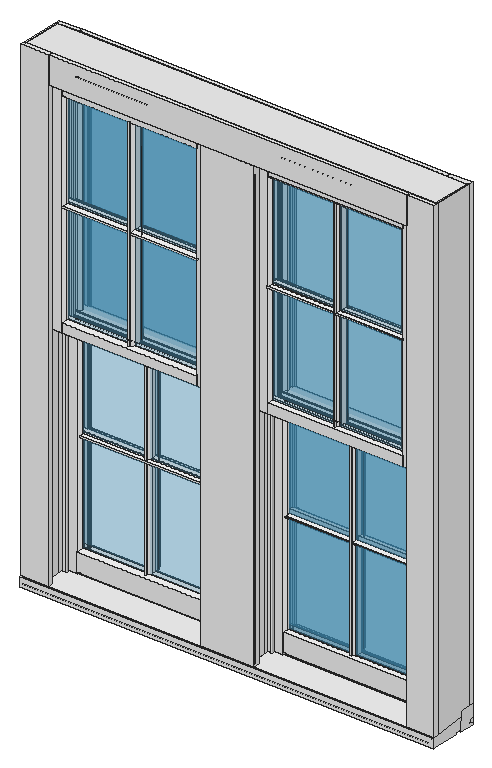
Revit family "B2-44", category Windows, host Wall, Revit 2012 (continued)
Automatic sketch dimensions
  Sweep 51 sketch curve to profile plane = 61.836 mm
  Sweep 51 sketch curve to Sweep 51 sketch curve = 3 mm
  Sweep 51 sketch curve to Sweep 51 sketch curve = 8 mm  (x2)
  Sweep 51 sketch curve to profile plane = 16 mm
  Sweep 51 sketch curve to Sweep 51 sketch curve = 4 mm  (x2)
  Sweep 51 sketch curve to Sweep 51 sketch curve = 1 mm
  Sweep 51 sketch curve to profile plane = 5 mm
  Sweep 52 sketch curve to profile plane = 0 mm
  Sweep 52 sketch curve to profile plane = 61.836 mm
  Sweep 52 sketch curve to Sweep 52 sketch curve = 3 mm
  Sweep 52 sketch curve to Sweep 52 sketch curve = 8 mm  (x2)
  Sweep 52 sketch curve to profile plane = 16 mm
  Sweep 52 sketch curve to Sweep 52 sketch curve = 4 mm  (x2)
  Sweep 52 sketch curve to Sweep 52 sketch curve = 1 mm
  Sweep 52 sketch curve to profile plane = 5 mm
  Sweep 53 sketch curve to profile plane = 0 mm
  Sweep 53 sketch curve to profile plane = 61.836 mm
  Sweep 53 sketch curve to Sweep 53 sketch curve = 3 mm  (x2)
  Sweep 53 sketch curve to Sweep 53 sketch curve = 8 mm  (x2)
  profile plane to Sweep 53 sketch curve = 16 mm
  Sweep 53 sketch curve to Sweep 53 sketch curve = 4 mm  (x2)
  Sweep 53 sketch curve to Sweep 53 sketch curve = 1 mm
  Sweep 54 sketch curve to profile plane = 0 mm
  Sweep 54 sketch curve to profile plane = 61.836 mm
  Sweep 54 sketch curve to Sweep 54 sketch curve = 3 mm  (x2)
  Sweep 54 sketch curve to Sweep 54 sketch curve = 8 mm  (x2)
  profile plane to Sweep 54 sketch curve = 16 mm
  Sweep 54 sketch curve to Sweep 54 sketch curve = 4 mm  (x2)
  Sweep 54 sketch curve to Sweep 54 sketch curve = 1 mm
  Sweep 55 sketch curve to profile plane = 0 mm
  Sweep 55 sketch curve to profile plane = 61.836 mm
  Sweep 55 sketch curve to Sweep 55 sketch curve = 3 mm  (x2)
  Sweep 55 sketch curve to Sweep 55 sketch curve = 8 mm  (x2)
  profile plane to Sweep 55 sketch curve = 16 mm
  Sweep 55 sketch curve to Sweep 55 sketch curve = 4 mm  (x2)
  Sweep 55 sketch curve to Sweep 55 sketch curve = 1 mm
  Sweep 56 sketch curve to profile plane = 0 mm
  Sweep 56 sketch curve to profile plane = 61.836 mm
  Sweep 56 sketch curve to Sweep 56 sketch curve = 3 mm
  Sweep 56 sketch curve to Sweep 56 sketch curve = 8 mm  (x2)
  Sweep 56 sketch curve to profile plane = 16 mm
  Sweep 56 sketch curve to Sweep 56 sketch curve = 4 mm  (x2)
  Sweep 56 sketch curve to Sweep 56 sketch curve = 1 mm
  Sweep 56 sketch curve to profile plane = 5 mm
  Sweep 57 sketch curve to profile plane = 0 mm
  Sweep 57 sketch curve to profile plane = 61.836 mm
  Sweep 57 sketch curve to Sweep 57 sketch curve = 3 mm
  Sweep 57 sketch curve to Sweep 57 sketch curve = 8 mm  (x2)
  Sweep 57 sketch curve to profile plane = 16 mm
  Sweep 57 sketch curve to Sweep 57 sketch curve = 4 mm  (x2)
  Sweep 57 sketch curve to Sweep 57 sketch curve = 1 mm
  Sweep 57 sketch curve to profile plane = 5 mm
  Sweep 58 sketch curve to profile plane = 0 mm
  Sweep 58 sketch curve to profile plane = 61.836 mm
  Sweep 58 sketch curve to Sweep 58 sketch curve = 3 mm
  Sweep 58 sketch curve to Sweep 58 sketch curve = 8 mm  (x2)
  Sweep 58 sketch curve to profile plane = 16 mm
  Sweep 58 sketch curve to Sweep 58 sketch curve = 4 mm  (x2)
  Sweep 58 sketch curve to Sweep 58 sketch curve = 1 mm
  Sweep 58 sketch curve to profile plane = 5 mm
  Extrusion 61 sketch curve to plane 14 = 0 mm
  plane 27 to Extrusion 61 sketch curve = 0 mm
  Extrusion 61 sketch curve to plane 9 = 0 mm
  Extrusion 61 sketch curve to plane 13 = 0 mm
  Extrusion 62 sketch curve to plane 14 = 0 mm
  plane 27 to Extrusion 62 sketch curve = 0 mm
  Extrusion 62 sketch curve to plane 9 = 0 mm
  Extrusion 62 sketch curve to plane 13 = 0 mm
  Extrusion 63 sketch curve to plane 14 = 0 mm
  Extrusion 63 sketch curve to plane 26 = 0 mm
  Extrusion 63 sketch curve to plane 9 = 0 mm
  plane 12 to Extrusion 63 sketch curve = 0 mm
  Extrusion 64 sketch curve to plane 14 = 0 mm
  Extrusion 64 sketch curve to plane 26 = 0 mm
  Extrusion 64 sketch curve to plane 9 = 0 mm
  plane 12 to Extrusion 64 sketch curve = 0 mm
  Extrusion 65 sketch curve to plane 14 = 0 mm
  Extrusion 65 sketch curve to plane 26 = 0 mm
  Extrusion 65 sketch curve to plane 9 = 0 mm
  plane 11 to Extrusion 65 sketch curve = 0 mm
  Extrusion 66 sketch curve to plane 14 = 0 mm
  Extrusion 66 sketch curve to plane 26 = 0 mm
  Extrusion 66 sketch curve to plane 9 = 0 mm
  plane 12 to Extrusion 66 sketch curve = 0 mm
  Extrusion 67 sketch curve to plane 14 = 0 mm
  Extrusion 67 sketch curve to plane 26 = 0 mm
  Extrusion 67 sketch curve to plane 9 = 0 mm
  plane 12 to Extrusion 67 sketch curve = 0 mm
  Extrusion 70 sketch curve to plane 9 = 0 mm
  plane 27 to Extrusion 70 sketch curve = 0 mm
  Extrusion 70 sketch curve to plane 13 = 0 mm
  Extrusion 70 sketch curve to plane 15 = 0 mm
  Extrusion 71 sketch curve to plane 9 = 0 mm
  plane 27 to Extrusion 71 sketch curve = 0 mm
  Extrusion 71 sketch curve to plane 13 = 0 mm
  Extrusion 71 sketch curve to plane 15 = 0 mm
  plane 27 to Extrusion 72 sketch curve = 0 mm
  Extrusion 72 sketch curve to plane 13 = 0 mm
  Extrusion 72 sketch curve to plane 15 = 0 mm
  Extrusion 72 sketch curve to plane 9 = 6 mm
  Extrusion 73 sketch curve to plane 9 = 0 mm
  Extrusion 73 sketch curve to plane 26 = 0 mm
  plane 12 to Extrusion 73 sketch curve = 0 mm
  Extrusion 73 sketch curve to plane 15 = 0 mm
  Extrusion 74 sketch curve to plane 9 = 0 mm
  Extrusion 74 sketch curve to plane 26 = 0 mm
  plane 12 to Extrusion 74 sketch curve = 0 mm
  Extrusion 74 sketch curve to plane 15 = 0 mm
  Extrusion 75 sketch curve to plane 9 = 0 mm
  plane 27 to Extrusion 75 sketch curve = 0 mm
  Extrusion 75 sketch curve to plane 13 = 0 mm
  Extrusion 75 sketch curve to plane 15 = 0 mm
  Extrusion 76 sketch curve to plane 9 = 0 mm
  plane 27 to Extrusion 76 sketch curve = 0 mm
  Extrusion 76 sketch curve to plane 13 = 0 mm
  Extrusion 76 sketch curve to plane 15 = 0 mm
  Extrusion 77 sketch curve to plane 9 = 0 mm
  Extrusion 77 sketch curve to plane 26 = 0 mm
  plane 12 to Extrusion 77 sketch curve = 0 mm
  Extrusion 77 sketch curve to plane 15 = 0 mm
  Extrusion 78 sketch curve to plane 9 = 0 mm
  Extrusion 78 sketch curve to plane 26 = 0 mm
  plane 12 to Extrusion 78 sketch curve = 0 mm
  Extrusion 78 sketch curve to plane 15 = 0 mm
  plane 5 "Right" to Sweep 79 sketch curve = 0 mm
  Sweep 79 sketch curve to plane 6 "Sill" = 0 mm
  Sweep 79 sketch curve to profile plane = 0 mm
  Sweep 79 sketch curve to profile plane = 87 mm
  Sweep 79 sketch curve to Sweep 79 sketch curve = 15 mm
  Sweep 79 sketch curve to Sweep 79 sketch curve = 0 mm  (x4)
  profile plane to Sweep 79 sketch curve = 5.921 mm
  Sweep 79 sketch curve to Sweep 79 sketch curve = 76.079 mm
  plane 4 "Left" to Sweep 80 sketch curve = 0 mm
  Sweep 80 sketch curve to plane 6 "Sill" = 0 mm
  plane 1 "Center (Front/Back)" to Sweep 80 sketch curve = 72 mm
  profile plane to Sweep 80 sketch curve = 0.079 mm
  Sweep 80 sketch curve to Sweep 80 sketch curve = 15 mm
  Sweep 80 sketch curve to profile plane = 5.921 mm
  Sweep 80 sketch curve to Sweep 80 sketch curve = 94 mm
  plane 4 "Left" to Sweep 81 sketch curve = 0 mm
  Sweep 81 sketch curve to plane 6 "Sill" = 0 mm
  Sweep 81 sketch curve to profile plane = 0 mm
  Sweep 81 sketch curve to profile plane = 87 mm
  Sweep 81 sketch curve to Sweep 81 sketch curve = 15 mm
  Sweep 81 sketch curve to Sweep 81 sketch curve = 0 mm  (x2)
  Sweep 81 sketch curve to Sweep 81 sketch curve = 65 mm
  Sweep 81 sketch curve to Sweep 81 sketch curve = 17 mm
  Sweep 82 sketch curve to plane 1 "Center (Front/Back)" = 0 mm
  plane 5 "Right" to Sweep 82 sketch curve = 5.921 mm
  Sweep 82 sketch curve to plane 5 "Right" = 0.079 mm
  profile plane to Sweep 82 sketch curve = 72 mm
  profile plane to Sweep 82 sketch curve = 33 mm
  Sweep 82 sketch curve to profile plane = 72 mm
  Sweep 82 sketch curve to Sweep 82 sketch curve = 0 mm  (x2)
  Sweep 82 sketch curve to Sweep 82 sketch curve = 335 mm
  Sweep 82 sketch curve to Sweep 82 sketch curve = 18 mm
  Sweep 82 sketch curve to Sweep 82 sketch curve = 12 mm
  level to Sweep 82 sketch curve = 268.614 mm
  Sweep 82 sketch curve to Sweep 82 sketch curve = 4.789 mm
  Sweep 82 sketch curve to Sweep 82 sketch curve = 4.913 mm  (x2)
  Sweep 82 sketch curve to Sweep 82 sketch curve = 3 mm
  Sweep 82 sketch curve to Sweep 82 sketch curve = 12.892 mm
  plane 1 "Center (Front/Back)" to Sweep 83 sketch curve = 0 mm
  plane 4 "Left" to Sweep 83 sketch curve = 5.921 mm
  Sweep 83 sketch curve to plane 4 "Left" = 0.079 mm
  profile plane to Sweep 83 sketch curve = 72 mm
  Sweep 83 sketch curve to profile plane = 33 mm
  Sweep 83 sketch curve to Sweep 83 sketch curve = 39 mm
  Sweep 83 sketch curve to Sweep 83 sketch curve = 365 mm
  level to Sweep 83 sketch curve = 268.614 mm
  Sweep 83 sketch curve to Sweep 83 sketch curve = 4.789 mm
  Sweep 83 sketch curve to Sweep 83 sketch curve = 4.913 mm  (x2)
  Sweep 83 sketch curve to Sweep 83 sketch curve = 3 mm
  Sweep 83 sketch curve to Sweep 83 sketch curve = 12.892 mm
  Sweep 84 sketch curve to profile plane = 0 mm
  Sweep 84 sketch curve to profile plane = 6 mm
  Sweep 84 sketch curve to Sweep 84 sketch curve = 59 mm
  Sweep 84 sketch curve to Sweep 84 sketch curve = 8 mm
  Sweep 84 sketch curve to Sweep 84 sketch curve = 9 mm
  Sweep 84 sketch curve to plane 1 "Center (Front/Back)" = 87 mm
  Sweep 84 sketch curve to Sweep 84 sketch curve = 15 mm  (x2)
  Sweep 84 sketch curve to Sweep 84 sketch curve = 5 mm  (x2)
  Sweep 85 sketch curve to plane 20 = 0 mm
  Sweep 85 sketch curve to plane 27 = 5.8 mm
  Sweep 85 sketch curve to plane 13 = 6 mm
  Sweep 85 sketch curve to plane 1 "Center (Front/Back)" = 7.41 mm
  profile plane to Sweep 85 sketch curve = 20.67 mm
  Sweep 85 sketch curve to Sweep 85 sketch curve = 0.569 mm
  Sweep 85 sketch curve to Sweep 85 sketch curve = 1.784 mm
  Sweep 85 sketch curve to Sweep 85 sketch curve = 2.978 mm  (x2)
  Sweep 85 sketch curve to Sweep 85 sketch curve = 1.351 mm
  Sweep 85 sketch curve to Sweep 85 sketch curve = 5.632 mm
  profile plane to Sweep 85 sketch curve = 0.002 mm
  Sweep 85 sketch curve to profile plane = 1.349 mm
  Sweep 85 sketch curve to profile plane = 1.717 mm
  Sweep 85 sketch curve to profile plane = 2.376 mm
  Sweep 85 sketch curve to profile plane = 4.998 mm  (x2)
  Sweep 85 sketch curve to Sweep 85 sketch curve = 6 mm  (x2)
  Sweep 85 sketch curve to Sweep 85 sketch curve = 39.334 mm
  Sweep 85 sketch curve to Sweep 85 sketch curve = 0 mm
  Sweep 85 sketch curve to plane 1 "Center (Front/Back)" = 4.045 mm
  Sweep 85 sketch curve to Sweep 85 sketch curve = 10 mm
  Sweep 85 sketch curve to Sweep 85 sketch curve = 5 mm  (x2)
  Sweep 85 sketch curve to plane 1 "Center (Front/Back)" = 14.045 mm
  Sweep 85 sketch curve to Sweep 85 sketch curve = 3 mm  (x2)
  Sweep 85 sketch curve to Sweep 85 sketch curve = 12 mm
  Sweep 85 sketch curve to Sweep 85 sketch curve = 11 mm  (x2)
  Sweep 85 sketch curve to Sweep 85 sketch curve = 14 mm
  Sweep 85 sketch curve to Sweep 85 sketch curve = 8 mm
  Sweep 85 sketch curve to Sweep 85 sketch curve = 4 mm
  Sweep 85 sketch curve to Sweep 85 sketch curve = 0.366 mm
  Sweep 86 sketch curve to plane 7 "Top" = 0 mm
  Sweep 86 sketch curve to plane 13 = 5 mm
  Sweep 86 sketch curve to plane 27 = 5.993 mm
  profile plane to Sweep 86 sketch curve = 53.47 mm
  profile plane to Sweep 86 sketch curve = 141.983 mm
  profile plane to Sweep 86 sketch curve = 65.47 mm
  Sweep 86 sketch curve to Sweep 86 sketch curve = 10 mm
  profile plane to Sweep 86 sketch curve = 5.47 mm
  Sweep 86 sketch curve to Sweep 86 sketch curve = 16 mm
  profile plane to Sweep 86 sketch curve = 0.181 mm
  Sweep 86 sketch curve to Sweep 86 sketch curve = 29.983 mm
  Sweep 86 sketch curve to Sweep 86 sketch curve = 4.017 mm
  Sweep 86 sketch curve to Sweep 86 sketch curve = 37 mm
  Sweep 86 sketch curve to Sweep 86 sketch curve = 7.017 mm
  Sweep 86 sketch curve to Sweep 86 sketch curve = 3 mm  (x2)
  Sweep 86 sketch curve to Sweep 86 sketch curve = 0 mm
  Sweep 86 sketch curve to profile plane = 3.819 mm
  Sweep 86 sketch curve to Sweep 86 sketch curve = 6.983 mm
  Sweep 86 sketch curve to Sweep 86 sketch curve = 7 mm
  Sweep 86 sketch curve to Sweep 86 sketch curve = 5 mm
  Sweep 86 sketch curve to Sweep 86 sketch curve = 2 mm
  Sweep 87 sketch curve to plane 9 = 0 mm
  Sweep 87 sketch curve to plane 13 = 6 mm
  profile plane to Sweep 87 sketch curve = 6.164 mm
  profile plane to Sweep 87 sketch curve = 22 mm  (x2)
  Sweep 87 sketch curve to Sweep 87 sketch curve = 2 mm  (x2)
  Sweep 87 sketch curve to Sweep 87 sketch curve = 3 mm
  Sweep 87 sketch curve to Sweep 87 sketch curve = 4 mm  (x2)
  Sweep 87 sketch curve to profile plane = 12 mm
  Sweep 87 sketch curve to Sweep 87 sketch curve = 16 mm
  Sweep 88 sketch curve to plane 9 = 0 mm
  Sweep 88 sketch curve to plane 26 = 13 mm
  plane 27 to Sweep 89 sketch curve = 13 mm
  plane 1 "Center (Front/Back)" to Sweep 90 sketch curve = 0 mm
  plane 4 "Left" to Sweep 90 sketch curve = 125 mm
  Sweep 90 sketch curve to plane 5 "Right" = 148 mm
  profile plane to Sweep 90 sketch curve = 100.24 mm
  Sweep 90 sketch curve to Sweep 90 sketch curve = 9.24 mm
  Sweep 90 sketch curve to Sweep 90 sketch curve = 2.634 mm
  Sweep 90 sketch curve to Sweep 90 sketch curve = 0.366 mm
  Sweep 90 sketch curve to profile plane = 33 mm
  Sweep 90 sketch curve to Sweep 90 sketch curve = 34 mm
  Sweep 90 sketch curve to Sweep 90 sketch curve = 44 mm
  Sweep 90 sketch curve to Sweep 90 sketch curve = 10 mm  (x4)
  Sweep 90 sketch curve to Sweep 90 sketch curve = 15 mm
  level to Sweep 90 sketch curve = 170 mm
  Sweep 90 sketch curve to Sweep 90 sketch curve = 30 mm  (x2)
  Sweep 90 sketch curve to Sweep 90 sketch curve = 30.121 mm
  Sweep 90 sketch curve to Sweep 90 sketch curve = 28 mm
  Sweep 90 sketch curve to Sweep 90 sketch curve = 4.913 mm  (x2)
  Sweep 90 sketch curve to Sweep 90 sketch curve = 3 mm
  Sweep 90 sketch curve to Sweep 90 sketch curve = 48 mm
  Sweep 91 sketch curve to plane 16 = 0 mm
  Sweep 91 sketch curve to plane 25 = 0 mm
  Sweep 91 sketch curve to plane 23 = 10 mm
  profile plane to Sweep 91 sketch curve = 70.237 mm
  Sweep 91 sketch curve to Sweep 91 sketch curve = 10 mm
  plane 1 "Center (Front/Back)" to Sweep 91 sketch curve = 5.354 mm
  Sweep 91 sketch curve to Sweep 91 sketch curve = 16 mm
  profile plane to Sweep 91 sketch curve = 20.237 mm
  Sweep 91 sketch curve to Sweep 91 sketch curve = 0 mm  (x2)
  plane 1 "Center (Front/Back)" to Sweep 91 sketch curve = 8.354 mm
  profile plane to Sweep 91 sketch curve = 17.237 mm
  Sweep 91 sketch curve to Sweep 91 sketch curve = 3 mm  (x2)
  Sweep 91 sketch curve to Sweep 91 sketch curve = 6 mm
  Sweep 91 sketch curve to Sweep 91 sketch curve = 21 mm
  Sweep 91 sketch curve to Sweep 91 sketch curve = 12 mm  (x2)
  Sweep 91 sketch curve to Sweep 91 sketch curve = 13 mm
  Sweep 91 sketch curve to Sweep 91 sketch curve = 2 mm
  Sweep 91 sketch curve to Sweep 91 sketch curve = 5 mm
  profile plane to Sweep 92 sketch curve = 9.723 mm  (x2)
  profile plane to Sweep 92 sketch curve = 2.223 mm
  profile plane to Sweep 92 sketch curve = 2.172 mm
  Sweep 92 sketch curve to profile plane = 8.277 mm
  Sweep 92 sketch curve to profile plane = 10.277 mm
  profile plane to Sweep 92 sketch curve = 9.529 mm
  Sweep 92 sketch curve to Sweep 92 sketch curve = 2 mm  (x3)
  Sweep 92 sketch curve to Sweep 92 sketch curve = 6 mm
  Sweep 92 sketch curve to Sweep 92 sketch curve = 26.385 mm
  Sweep 92 sketch curve to Sweep 92 sketch curve = 2.8 mm
  profile plane to Sweep 93 sketch curve = 9.723 mm
  Sweep 93 sketch curve to profile plane = 10.277 mm
  plane 1 "Center (Front/Back)" to Sweep 93 sketch curve = 31.765 mm
  Sweep 93 sketch curve to Sweep 93 sketch curve = 16 mm
  Sweep 94 sketch curve to plane 31 = 0 mm
  Sweep 94 sketch curve to plane 13 = 0 mm
  Sweep 94 sketch curve to plane 27 = 12 mm
  profile plane to Sweep 94 sketch curve = 10.277 mm
  Sweep 94 sketch curve to profile plane = 9.723 mm
  plane 1 "Center (Front/Back)" to Sweep 94 sketch curve = 31.765 mm
  Sweep 94 sketch curve to Sweep 94 sketch curve = 16 mm
  Sweep 95 sketch curve to plane 27 = 5 mm
  Sweep 95 sketch curve to plane 13 = 6 mm
  profile plane to Sweep 95 sketch curve = 9.723 mm  (x2)
  profile plane to Sweep 95 sketch curve = 2.223 mm
  profile plane to Sweep 95 sketch curve = 2.172 mm
  Sweep 95 sketch curve to profile plane = 8.277 mm
  Sweep 95 sketch curve to profile plane = 10.277 mm
  profile plane to Sweep 95 sketch curve = 9.529 mm
  Sweep 95 sketch curve to Sweep 95 sketch curve = 2 mm  (x3)
  Sweep 95 sketch curve to Sweep 95 sketch curve = 6 mm
  Sweep 95 sketch curve to Sweep 95 sketch curve = 26.385 mm
  Sweep 95 sketch curve to Sweep 95 sketch curve = 2.8 mm
  profile plane to Sweep 96 sketch curve = 9.723 mm  (x2)
  profile plane to Sweep 96 sketch curve = 2.223 mm
  profile plane to Sweep 96 sketch curve = 2.172 mm
  Sweep 96 sketch curve to profile plane = 8.277 mm
  Sweep 96 sketch curve to profile plane = 10.277 mm
  Sweep 96 sketch curve to profile plane = 64.346 mm
  Sweep 96 sketch curve to Sweep 96 sketch curve = 2 mm  (x3)
  Sweep 96 sketch curve to Sweep 96 sketch curve = 6 mm
  Sweep 96 sketch curve to Sweep 96 sketch curve = 26.385 mm
  Sweep 96 sketch curve to Sweep 96 sketch curve = 2.8 mm
  profile plane to Sweep 97 sketch curve = 9.723 mm
  Sweep 97 sketch curve to profile plane = 10.277 mm
  Sweep 97 sketch curve to plane 1 "Center (Front/Back)" = 43.235 mm
  Sweep 97 sketch curve to Sweep 97 sketch curve = 16 mm
  profile plane to Sweep 98 sketch curve = 18.661 mm
  Sweep 98 sketch curve to profile plane = 1.339 mm
  Sweep 98 sketch curve to plane 1 "Center (Front/Back)" = 43.235 mm
  Sweep 98 sketch curve to Sweep 98 sketch curve = 16 mm
  Sweep 99 sketch curve to plane 27 = 5 mm
  Sweep 99 sketch curve to plane 13 = 6 mm
  profile plane to Sweep 99 sketch curve = 9.723 mm  (x2)
  profile plane to Sweep 99 sketch curve = 2.223 mm
  profile plane to Sweep 99 sketch curve = 2.172 mm
  Sweep 99 sketch curve to profile plane = 8.277 mm
  Sweep 99 sketch curve to profile plane = 10.277 mm
  Sweep 99 sketch curve to profile plane = 64.346 mm
  Sweep 99 sketch curve to Sweep 99 sketch curve = 2 mm  (x3)
  Sweep 99 sketch curve to Sweep 99 sketch curve = 6 mm
  Sweep 99 sketch curve to Sweep 99 sketch curve = 26.385 mm
  Sweep 99 sketch curve to Sweep 99 sketch curve = 2.8 mm
  plane 1 "Center (Front/Back)" to Sweep 89 sketch curve = 4.291 mm  (x2)
  profile plane to Sweep 89 sketch curve = 21.997 mm
  Sweep 89 sketch curve to Sweep 89 sketch curve = 0 mm  (x2)
  Sweep 89 sketch curve to Sweep 89 sketch curve = 5 mm  (x2)
  Sweep 89 sketch curve to plane 1 "Center (Front/Back)" = 3.792 mm
  Sweep 89 sketch curve to Sweep 89 sketch curve = 7.024 mm
  Sweep 89 sketch curve to Sweep 89 sketch curve = 0.678 mm  (x2)
  Sweep 89 sketch curve to Sweep 89 sketch curve = 0.824 mm
  Sweep 89 sketch curve to Sweep 89 sketch curve = 1.861 mm
  profile plane to Sweep 89 sketch curve = 6.997 mm
  Sweep 89 sketch curve to Sweep 89 sketch curve = 1.291 mm
  profile plane to Sweep 89 sketch curve = 5.997 mm
  Sweep 89 sketch curve to plane 1 "Center (Front/Back)" = 0.806 mm
  Sweep 89 sketch curve to Sweep 89 sketch curve = 1.106 mm
  Sweep 89 sketch curve to Sweep 89 sketch curve = 0.597 mm
  Sweep 89 sketch curve to plane 1 "Center (Front/Back)" = 2.22 mm
  Sweep 89 sketch curve to Sweep 89 sketch curve = 0.817 mm
  Sweep 89 sketch curve to Sweep 89 sketch curve = 1 mm  (x3)
  profile plane to Sweep 89 sketch curve = 2.541 mm
  Sweep 89 sketch curve to profile plane = 6.003 mm
  Sweep 89 sketch curve to plane 1 "Center (Front/Back)" = 1.709 mm
  plane 1 "Center (Front/Back)" to Sweep 89 sketch curve = 0.291 mm
  Sweep 89 sketch curve to Sweep 89 sketch curve = 10 mm
  Sweep 89 sketch curve to Sweep 89 sketch curve = 12 mm
  Sweep 89 sketch curve to Sweep 89 sketch curve = 2.057 mm
  Sweep 89 sketch curve to Sweep 89 sketch curve = 1.127 mm
  Sweep 89 sketch curve to Sweep 89 sketch curve = 2.432 mm
  Sweep 89 sketch curve to Sweep 89 sketch curve = 0.402 mm
  Sweep 89 sketch curve to Sweep 89 sketch curve = 4.068 mm
  Sweep 89 sketch curve to Sweep 89 sketch curve = 2.153 mm
  Sweep 89 sketch curve to Sweep 89 sketch curve = 5.779 mm
  Sweep 89 sketch curve to Sweep 89 sketch curve = 26 mm
  Sweep 89 sketch curve to plane 1 "Center (Front/Back)" = 2.709 mm
  Sweep 89 sketch curve to plane 1 "Center (Front/Back)" = 0.709 mm
  Sweep 89 sketch curve to Sweep 89 sketch curve = 18 mm
  Sweep 89 sketch curve to Sweep 89 sketch curve = 3 mm
  plane 1 "Center (Front/Back)" to Sweep 88 sketch curve = 0.291 mm
  profile plane to Sweep 88 sketch curve = 22.003 mm
  Sweep 88 sketch curve to Sweep 88 sketch curve = 0 mm  (x2)
  Sweep 88 sketch curve to Sweep 88 sketch curve = 4 mm
  Sweep 88 sketch curve to Sweep 88 sketch curve = 5 mm
  profile plane to Sweep 88 sketch curve = 7.003 mm
  profile plane to Sweep 88 sketch curve = 6.003 mm
  Sweep 88 sketch curve to profile plane = 2.541 mm
  Sweep 88 sketch curve to Sweep 88 sketch curve = 0.616 mm
  Sweep 88 sketch curve to Sweep 88 sketch curve = 1 mm  (x2)
  Sweep 88 sketch curve to plane 1 "Center (Front/Back)" = 1.859 mm
  Sweep 88 sketch curve to Sweep 88 sketch curve = 1.157 mm
  Sweep 88 sketch curve to Sweep 88 sketch curve = 0.817 mm
  Sweep 88 sketch curve to plane 1 "Center (Front/Back)" = 0.445 mm
  Sweep 88 sketch curve to Sweep 88 sketch curve = 0.597 mm
  Sweep 88 sketch curve to profile plane = 5.997 mm
  Sweep 88 sketch curve to Sweep 88 sketch curve = 0.84 mm
  Sweep 88 sketch curve to plane 1 "Center (Front/Back)" = 0.709 mm
  Sweep 88 sketch curve to Sweep 88 sketch curve = 1.269 mm
  Sweep 88 sketch curve to Sweep 88 sketch curve = 1.969 mm
  Sweep 88 sketch curve to Sweep 88 sketch curve = 1.861 mm
  Sweep 88 sketch curve to Sweep 88 sketch curve = 0.145 mm
  Sweep 88 sketch curve to Sweep 88 sketch curve = 0.824 mm
  Sweep 88 sketch curve to plane 1 "Center (Front/Back)" = 2.709 mm
  Sweep 88 sketch curve to Sweep 88 sketch curve = 7.186 mm
  Sweep 88 sketch curve to Sweep 88 sketch curve = 16 mm
  Sweep 88 sketch curve to plane 1 "Center (Front/Back)" = 3.431 mm
  Sweep 88 sketch curve to Sweep 88 sketch curve = 2.057 mm
  Sweep 88 sketch curve to Sweep 88 sketch curve = 1.127 mm
  Sweep 88 sketch curve to Sweep 88 sketch curve = 0.763 mm  (x2)
  Sweep 88 sketch curve to Sweep 88 sketch curve = 4.707 mm
  Sweep 88 sketch curve to Sweep 88 sketch curve = 1.514 mm
  Sweep 88 sketch curve to Sweep 88 sketch curve = 5.779 mm
  Sweep 88 sketch curve to Sweep 88 sketch curve = 26 mm
  Sweep 88 sketch curve to plane 1 "Center (Front/Back)" = 1.709 mm
  plane 1 "Center (Front/Back)" to Sweep 88 sketch curve = 4.291 mm  (x2)
  Sweep 88 sketch curve to Sweep 88 sketch curve = 18 mm
  Sweep 88 sketch curve to Sweep 88 sketch curve = 3 mm
  radius of Sweep 8 sketch curve = 3.5 mm  (x2)
  radius of Sweep 10 sketch curve = 3.5 mm  (x2)
  radius of Sweep 16 sketch curve = 3.5 mm  (x2)
  radius of Sweep 17 sketch curve = 3.5 mm  (x2)
